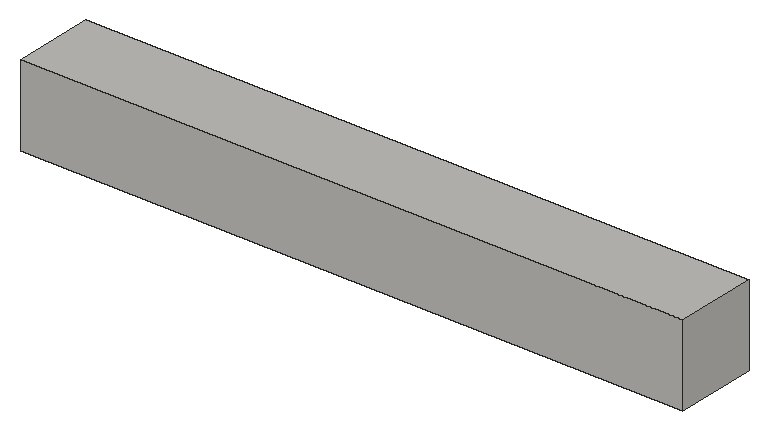
Revit family "Curb_Solid_NobleCompany", category Specialty Equipment, host Face, Revit 2017
Family settings
  Host = Face
  Round Connector Dimension = Use Diameter
  Part Type = Normal
  OmniClass Number = 23.45.55.21
  OmniClass Title = Drains (Wastes)
  Cut with Voids When Loaded = No
  Shared = No
  Room Calculation Point = No
Parameters (values of type "1 Sided")
  Width [instance] = 32 1/2"
  URL = "www.noblecompany.com"
  Type Comments = ""
  Radius = 15 1/2"
  Product Properties = "http://www.noblecompany.com/Portals/0/PRODUCT%20INFO/Product%20Descriptions/FreeStyle%20Linear%20Drain%20Product%20Decription%200410.pdf"
  Product Data = "http://www.noblecompany.com/Products/ShowerProducts/tabid/59/Default.aspx"
  Model = "Preformed Curb"
  Manufacturer Phone - Toll Free = "800-878-5788"
  Manufacturer Phone = "231-799-8000"
  Manufacturer Fax = "231-799-8850"
  Manufacturer Email = "mailto:sales@noblecompany.com"
  Manufacturer Address = "7300 Enterprise Drive, Spring Lake, MI  49456 USA"
  Manufacturer = "Noble Company"
  Floor Offset_Outside [instance] = 1"
  Floor Offset_Inside [instance] = 1/2"
  Det2 = no
  Depth [instance] = 32 1/2"
  Installation-Fabrication = "http://www.noblecompany.com/Portals/0/PRODUCT%20INFO/Product%20Descriptions/FreeStyle%20Linear%20Drain%20Product%20Decription%200410.pdf"
  Height = 20"
  Description = "Noble Preformed Curb"
  Building Codes = "http://www.noblecompany.com/Portals/0/TECHNICAL%20INFO/Listing_Testing_Certification_Reports/PMG-1065%20Noble%20Company%20Linear%20Drain%20final%202.pdf"
  Base = Polymer coated Expanded Polystyrene
  Assembly Code = "D2030300"
  Default Elevation = 0"
  3 Sides = no
  2 Sides = no
  1 Side = yes
Types (3): name | Type Comments | Model | Floor Offset_Outside | Floor Offset_Inside | Det2 | Description | 3 Sides | 2 Sides | 1 Side
  1 Sided | "" | "Preformed Curb" | 1" | 1/2" | no | "Noble Preformed Curb" | no | no | yes
  2 Sided | "" | "Preformed Overlay Curb" | 1/4" | 1/4" | yes | "Noble Preformed Overlay Curb" | no | yes | no
  3 Sided | "Modify Sweep for Neo Angles and Custom Applications" | "Preformed Overlay Curb" | 1/2" | 1/4" | yes | "Noble Preformed Overlay Curb" | yes | no | no
Reference planes (in)
  plane 1 "Center (Front/Back)": y = 0
  plane 2: z = 0
  plane 3 "Center (Left/Right)": x = 0
  plane 4: x = 32.5
  plane 5: y = 32.5
  plane 6: z = 20
Forms (in)
  Sweep 1, solid, material "Polymer coated Expanded Polystyrene" <- "Base", visible <- "1 Side"
    path origin (0, 0, 0) x (1, 0, 0) y (0, 1, 0)
      loop
        line (0, 0) -> (32.5, 0)
    profile "Profle_Curb_Solid : Profle_Curb_Solid" origin (16.25, 0, 0) x (0, 1, 0) y (0, 0, 1)
      loop
        line (0, 0) -> (0, 4) -> (-4, 4) -> (-4, 0) -> (0, 0)
  Sweep 2, solid, material "Polymer coated Expanded Polystyrene" <- "Base", visible <- "2 Sides"
    path origin (0, 0, 0) x (1, 0, 0) y (0, 1, 0)
      loop
        line (0, 0) -> (32.5, 0) -> (32.5, 32.5)
    profile "Profle_Curb_Solid : Profle_Curb_Solid" origin (16.25, 0, 0) x (0, 1, 0) y (0, 0, 1)
      loop
        line (0, 0) -> (0, 4) -> (-4, 4) -> (-4, 0) -> (0, 0)
  Sweep 3, solid, material "Polymer coated Expanded Polystyrene" <- "Base", visible <- "3 Sides"
    path origin (0, 0, 0) x (1, 0, 0) y (0, 1, 0)
      loop
        line (0, 0) -> (32.5, 0) -> (32.5, 32.5) -> (0, 32.5)
    profile "Profle_Curb_Solid : Profle_Curb_Solid" origin (16.25, 0, 0) x (0, 1, 0) y (0, 0, 1)
      loop
        line (0, 0) -> (0, 4) -> (-4, 4) -> (-4, 0) -> (0, 0)
Dimensions and locks (in)
  "Height": plane 6 to level
  "Width": plane 3 "Center (Left/Right)" to plane 4
  "Depth": plane 5 to plane 1 "Center (Front/Back)"
  aligned and locked: plane 2 to host face
  aligned and locked: level to host face
  aligned and locked: plane 1 "Center (Front/Back)" to Sweep 1 sketch curve
  aligned and locked: plane 3 "Center (Left/Right)" to Sweep 1 sketch curve
  aligned and locked: plane 4 to Sweep 1 sketch curve
  aligned and locked: plane 3 "Center (Left/Right)" to Sweep 2 sketch curve
  aligned and locked: plane 5 to Sweep 2 sketch curve
  aligned and locked: plane 4 to Sweep 2 sketch curve
  aligned and locked: plane 1 "Center (Front/Back)" to Sweep 2 sketch curve
  aligned and locked: plane 3 "Center (Left/Right)" to Sweep 3 sketch curve  (x2)
  aligned and locked: plane 1 "Center (Front/Back)" to Sweep 3 sketch curve
  aligned and locked: plane 4 to Sweep 3 sketch curve
  aligned and locked: plane 5 to Sweep 3 sketch curve
  aligned and locked: nested 1 to level
  aligned and locked: plane 4 to nested 1
  aligned and locked: plane 5 to nested 2
  aligned and locked: nested 2 to level
  aligned and locked: nested 3 to plane 1 "Center (Front/Back)"
  aligned and locked: level to nested 3
Automatic sketch dimensions
  host sketch curve to host sketch curve = 56 1/2"
  host sketch curve to host sketch curve = 49.54642"
Nested families (in)
  nested 1: "Detail_Curb_Solid" at (32.5, 0, 0) x (1, 0, 0) z (0, -1, 0), visible <- "Det2", type "Detail_Curb_Solid"
  nested 2: "Detail_Curb_Solid" at (0, 32.5, 0) x (0, 1, 0) z (1, 0, 0), visible <- "3 Sides", type "Detail_Curb_Solid"
  nested 3: "Detail_Curb_Solid" at (0, 0, 0) x (0, -1, 0) z (1, 0, 0), type "Detail_Curb_Solid"
Definition of nested family "Detail_Curb_Solid"
  Parameters
    Floor Offset_Shower Side = 1"
    Floor Offset_Outside = 1/2"
  Reference planes (in)
    plane 1 "Center (Front/Back)": y = 0
    plane 2: z = 0
    plane 3 "Center (Left/Right)": x = 0
    plane 4: y = 4
    plane 5: x = 4
  Lines and regions (in)
    Filled region 1, type "Concrete", in view "Ref. Level"
      outline origin (0.125, 0.375, 0) x (1, 0, 0) y (0, 1, 0)
        loop
          line (-0.125, 3.625) -> (-0.125, -0.375) -> (3.875, -0.375) -> (3.875, 3.625) -> (-0.125, 3.625)
    Filled region 2, type "Solid", in view "Ref. Level"
      outline origin (0, 0, 0) x (1, 0, 0) y (0, 1, 0)
        loop
          line (0, 0) -> (0, 4) -> (4, 4) -> (4, 0) -> (6, 0) -> (6, 0.0625) -> (4.0625, 0.0625) -> (4.0625, 4.0625) -> (-0.0625, 4.0625) -> (-0.0625, 0.0625) -> (-1.99439, 0.0625) -> (-1.99439, 0) -> (0, 0)
    detail lines, in view "Ref. Level"
      curve 1: arc (4.0625, 3.875, 0) -> (4.1875, 3.75, 0) -> (4.0625, 3.625, 0) r 0.125
      curve 2: arc (4.0625, 3.375, 0) -> (4.1875, 3.25, 0) -> (4.0625, 3.125, 0) r 0.125
      curve 3: arc (4.0625, 2.875, 0) -> (4.1875, 2.75, 0) -> (4.0625, 2.625, 0) r 0.125
      curve 4: arc (4.0625, 2.375, 0) -> (4.1875, 2.25, 0) -> (4.0625, 2.125, 0) r 0.125
      curve 5: arc (4.0625, 1.875, 0) -> (4.1875, 1.75, 0) -> (4.0625, 1.625, 0) r 0.125
      curve 6: arc (4.0625, 1.50349, 0) -> (4.1875, 1.37849, 0) -> (4.0625, 1.25349, 0) r 0.125
      curve 7: arc (4.0625, 1.00349, 0) -> (4.1875, 0.87849, 0) -> (4.0625, 0.75349, 0) r 0.125
      curve 8: arc (4.0625, 0.625, 0) -> (4.1875, 0.5, 0) -> (4.0625, 0.375, 0) r 0.125
      curve 9: arc (0.875, 4.0625, 0) -> (0.75, 4.1875, 0) -> (0.625, 4.0625, 0) r 0.125
      curve 10: arc (1.375, 4.0625, 0) -> (1.25, 4.1875, 0) -> (1.125, 4.0625, 0) r 0.125
      curve 11: arc (1.875, 4.0625, 0) -> (1.75, 4.1875, 0) -> (1.625, 4.0625, 0) r 0.125
      curve 12: arc (2.375, 4.0625, 0) -> (2.25, 4.1875, 0) -> (2.125, 4.0625, 0) r 0.125
      curve 13: arc (2.875, 4.0625, 0) -> (2.75, 4.1875, 0) -> (2.625, 4.0625, 0) r 0.125
      curve 14: arc (3.375, 4.0625, 0) -> (3.25, 4.1875, 0) -> (3.125, 4.0625, 0) r 0.125
      curve 15: arc (3.875, 4.0625, 0) -> (3.75, 4.1875, 0) -> (3.625, 4.0625, 0) r 0.125
      curve 16: arc (-0.0625, 3.875, 0) -> (-0.1875, 3.75, 0) -> (-0.0625, 3.625, 0) r 0.125
      curve 17: arc (-0.0625, 3.375, 0) -> (-0.1875, 3.25, 0) -> (-0.0625, 3.125, 0) r 0.125
      curve 18: arc (-0.0625, 2.875, 0) -> (-0.1875, 2.75, 0) -> (-0.0625, 2.625, 0) r 0.125
      curve 19: arc (-0.0625, 2.375, 0) -> (-0.1875, 2.25, 0) -> (-0.0625, 2.125, 0) r 0.125
      curve 20: arc (-0.0625, 1.875, 0) -> (-0.1875, 1.75, 0) -> (-0.0625, 1.625, 0) r 0.125
      curve 21: arc (-0.0625, 1.50349, 0) -> (-0.1875, 1.37849, 0) -> (-0.0625, 1.25349, 0) r 0.125
      curve 22: arc (-0.0625, 1.00349, 0) -> (-0.1875, 0.87849, 0) -> (-0.0625, 0.75349, 0) r 0.125
      curve 23: arc (-0.0625, 0.625, 0) -> (-0.1875, 0.5, 0) -> (-0.0625, 0.375, 0) r 0.125
      curve 24: arc (0.375, 4.0625, 0) -> (0.25, 4.1875, 0) -> (0.125, 4.0625, 0) r 0.125
      curve 25: line (-0.1875, 0.12638, 0) -> (-0.1875, 4.1875, 0)
      curve 26: line (4.375, 4.1875, 0) -> (-0.375, 4.1875, 0)
      curve 27: line (4.1875, 0.12638, 0) -> (4.1875, 4.1875, 0)
      curve 28: line (-0.375, 0.12638, 0) -> (-0.375, 4.125, 0)
      curve 29: line (4.25, 4.375, 0) -> (2.03197, 4.375, 0)
      curve 30: line (4.375, 0.12638, 0) -> (4.375, 4.125, 0)
      curve 31: arc (-0.375, 4.24856, 0) -> (-0.33797, 4.33797, 0) -> (-0.24856, 4.375, 0) r 0.12644
      curve 32: arc (4.375, 4.25, 0) -> (4.33839, 4.33839, 0) -> (4.25, 4.375, 0) r 0.125
      curve 33: line (1.96947, 4.375, 0) -> (1.96947, 4.1875, 0)
      curve 34: line (2.03197, 4.375, 0) -> (2.03197, 4.1875, 0)
      curve 35: arc (2.03197, 4.375, 0) -> (2.00072, 4.3636, 0) -> (1.96947, 4.375, 0) r 0.04852
      curve 36: line (1.96947, 4.375, 0) -> (-0.24856, 4.375, 0)
      curve 37: line (-0.375, 4.24856, 0) -> (-0.375, 4.1875, 0)
      curve 38: line (-0.375, 4.125, 0) -> (-0.1875, 4.125, 0)
      curve 39: arc (-0.375, 4.1875, 0) -> (-0.36616, 4.15625, 0) -> (-0.375, 4.125, 0) r 0.05964
      curve 40: line (-0.375, 0.12638, 0) -> (-0.1875, 0.12638, 0)
      curve 41: line (4.375, 0.12638, 0) -> (4.1875, 0.12638, 0)
      curve 42: line (4.375, 4.25, 0) -> (4.375, 4.1875, 0)
      curve 43: line (4.375, 4.125, 0) -> (4.1875, 4.125, 0)
      curve 44: arc (4.375, 4.1875, 0) -> (4.36616, 4.15625, 0) -> (4.375, 4.125, 0) r 0.05964
      curve 45: arc (-0.375, 0.12638, 0) -> (-0.36616, 0.09513, 0) -> (-0.375, 0.06388, 0) r 0.05964
      curve 46: arc (4.375, 0.12638, 0) -> (4.36616, 0.09513, 0) -> (4.375, 0.06388, 0) r 0.05964
  Dimensions and locks (in)
    plane 1 "Center (Front/Back)" to plane 4 = 4"
    plane 3 "Center (Left/Right)" to plane 5 = 4"
    locked: plane 1 "Center (Front/Back)" to Filled region 2 sketch curve at 0.0625  (x2)
    locked: plane 5 to Filled region 2 sketch curve at 0.0625
    locked: Filled region 2 sketch curve to plane 4 at 0.0625
    locked: Filled region 2 sketch curve to plane 3 "Center (Left/Right)" at 0.0625
    locked: Filled region 2 sketch curve to plane 3 "Center (Left/Right)" at 1.99439
    locked: plane 5 to Filled region 2 sketch curve at 2
    aligned and locked: Filled region 1 sketch curve to plane 5
    aligned and locked: Filled region 1 sketch curve to plane 4
    aligned and locked: Filled region 2 sketch curve to plane 4
    aligned and locked: Filled region 2 sketch curve to plane 5
    aligned and locked: plane 3 "Center (Left/Right)" to Filled region 2 sketch curve
    aligned and locked: plane 1 "Center (Front/Back)" to Filled region 2 sketch curve  (x2)
    aligned and locked: Filled region 1 sketch curve to plane 1 "Center (Front/Back)"
